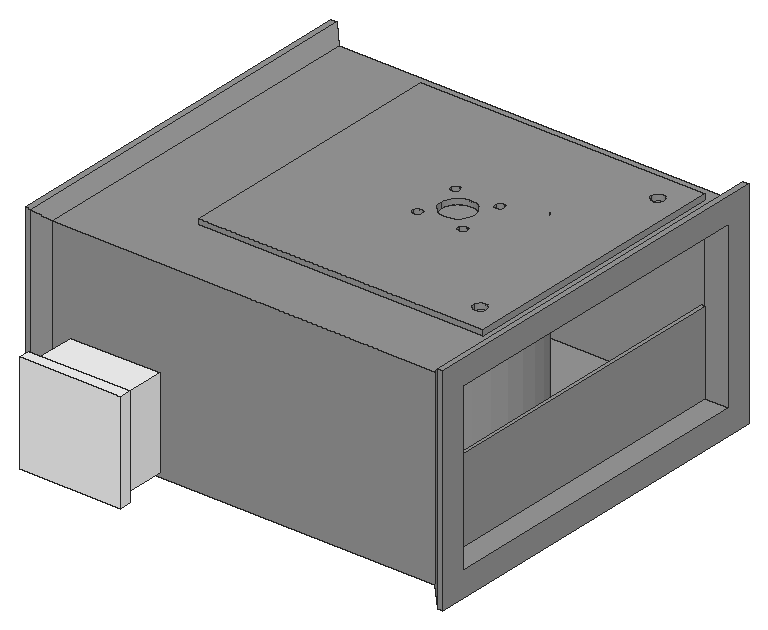
Revit family "RKB 300X150 C1 AC_7470006", category Mechanical Equipment, Revit 2014
Parameters (values of type "RKB 300X150 C1 AC")
  Wiring diagram = "4040001"
  Width = 375 mm
  Weight = 6.20 kg
  Voltage range = "220-240 V"
  Voltage = 230 V
  Speed = "2460 rpm"
  Sound pressure level at 3 m = "50 dB(A)"
  Power = 64 W
  Phase = 1
  Max. temperature of transported air when speed controlled = 75 °C
  Max. temperature of transported air = 75 °C
  Main Material = Steel, Galvanized
  Height = 193 mm
  Frequency = 50 Hz
  Elevation [instance] = 2600 mm
  Description = "UNINSULATED DUCT FANS WITH RECTANGULAR CONNECTIONS"
  Depth = 343 mm
  Current = 0.35 A
  Connector Height = 150 mm
  Connector Width = 300 mm
  Capacitor = "2 μF"
Reference planes
  plane 1 "Center (Front/Back)": y = 0
  plane 2: z = 0
  plane 3 "Center (Left/Right)": x = 0
  plane 4: x = -187.5
  plane 5: x = 187.5
  plane 6: y = 171.5
  plane 7: y = -171.5
  plane 8: z = 2600
  plane 9: z = 2793
Dimensions and locks
  equal spacing: plane 4, plane 3 "Center (Left/Right)", plane 5
  "Width": plane 4 to plane 5
  equal spacing: plane 6, plane 1 "Center (Front/Back)", plane 7
  "Depth": plane 6 to plane 7
  "Elevation": plane 8 to level
  "Height": plane 9 to plane 8
  aligned and locked: level to plane 2
  aligned and locked: nested 1 to plane 1 "Center (Front/Back)"
  aligned and locked: plane 1 "Center (Front/Back)" to nested 2
  aligned and locked: plane 3 "Center (Left/Right)" to nested 2
  aligned and locked: nested 2 to plane 8
  aligned and locked: plane 3 "Center (Left/Right)" to nested 1
Nested families
  nested 1: "Flow direction symbol" at (0, 0, 0), type "Flow direction symbol"
  nested 2: "RKB" at (0, 0, 2600), type "RKB"
Connectors
  hvac at (-187.5, 0, 2696.5), driven by "Connector Height", driven by "Connector Width"
    settings: on nested 2, index 1, duct flow 0.0 L/s, flow factor 0, pres drop 0.0 Pa, loss coef 0, conn angle 0.00°, conn width 300 mm, conn height 150 mm, conn diameter 609.6 mm, duct sys type 1, conn prof type 1, flow config 0, flow direction 1, loss method 0, conn ref index -1, conn util no, is conn primary yes, conn desc ""
  hvac at (187.5, 0, 2696.5), driven by "Connector Height", driven by "Connector Width"
    settings: on nested 2, index 2, duct flow 0.0 L/s, flow factor 0, pres drop 0.0 Pa, loss coef 0, conn angle 0.00°, conn width 300 mm, conn height 150 mm, conn diameter 609.6 mm, duct sys type 3, conn prof type 1, flow config 0, flow direction 2, loss method 0, conn ref index -1, conn util no, is conn primary no, conn desc ""
  electrical at (-107.218, -221.5, 2661.5), driven by "Phase", driven by "Voltage", driven by "Power"
    settings: on nested 2, index 3, voltage 230 V, apparent load 0 VA, apparent load phase1 64 VA, apparent load phase2 0 VA, apparent load phase3 0 VA, power factor 1, load classification "HVAC", number of poles 1, system type 31, power factor state 1, is connector primary yes, connector utility no, sub classification motor no, connector description ""
Definition of nested family "RKB"
  Parameters (values of type "RKB")
    Width = 375 mm
    Main Material = Steel, Galvanized
    Height = 193 mm
    Description = ""
    Depth = 343 mm
    Connector Width = 300 mm
    Connector Heigth = 150 mm
  Reference planes
    plane 1 "Center (Front/Back)": y = 0
    plane 2: z = 0
    plane 3 "Center (Left/Right)": x = 0
    plane 4: x = -187.5
    plane 5: x = 187.5
    plane 6: y = 171.5
    plane 7: y = -171.5
    plane 8: z = 193
    plane 9: z = 119
    plane 10: x = 80.282
    plane 11: x = -107.218
    plane 12: z = 96.5
    plane 13: z = 171.5
    plane 14: z = 21.5
    plane 15: y = 150
    plane 16: y = -150
    plane 17: z = 61.5
    plane 18: x = 44.483
    plane 19: y = 24.017
  Forms (mm)
    Sweep 1, solid, material "Steel, Galvanized" <- "Main Material", detail levels medium+fine
      path origin (-187.5, 864.407, 1200) x (0, 1, 0) y (0, 0, 1)
        loop
          line (-692.907, -1200) -> (-692.907, -1007) -> (-1035.907, -1007) -> (-1035.907, -1200) -> (-692.907, -1200)
      profile origin (-187.5, 171.5, 96.5) x (0, -1, 0) y (1, 0, 0)
        loop
          line (22.203, 21.231) -> (16.231, 21.231) -> (0, 5) -> (0, 0) -> (22.203, 0) -> (22.203, 21.231)
    Sweep 2, solid, material "Steel, Galvanized" <- "Main Material", detail levels medium+fine
      path origin (187.5, 864.407, 1200) x (0, 1, 0) y (0, 0, 1)
        loop
          line (-692.907, -1200) -> (-692.907, -1007) -> (-1035.907, -1007) -> (-1035.907, -1200) -> (-692.907, -1200)
      profile origin (187.5, 171.5, 96.5) x (0, -1, 0) y (1, 0, 0)
        loop
          line (22.203, -21.231) -> (22.203, 0) -> (0, 0) -> (0, -5) -> (16.231, -21.231) -> (22.203, -21.231)
    Sweep 3, solid, material "Steel, Galvanized" <- "Main Material", detail levels medium+fine
      path origin (0, 0, 0) x (1, 0, 0) y (0, 1, 0)
        loop
          line (-187.5, 0) -> (187.5, 0)
      profile origin (0, 0, 0) x (0, 1, 0) y (0, 0, 1)
        loop
          line (150, 171.5) -> (-150, 171.5) -> (-150, 21.5) -> (150, 21.5) -> (150, 171.5)
        loop
          line (-161, 182.5) -> (-161, 10.5) -> (161, 10.5) -> (161, 182.5) -> (-161, 182.5)
    Revolve 4, solid, material "Steel, Galvanized" <- "Main Material", detail levels medium+fine
      sketch origin (44.843, 8.187, 1200) x (0, -1, 0) y (0, 0, 1)
        loop
          line (-15.321, -1182.297) -> (-15.321, -1017.5) -> (-80.321, -1017.5) -> (-80.321, -1182.297) -> (-15.321, -1182.297)
        axis (-15.321, -1017.5) -> (-15.321, -1182.297)
      angle from 0 to 360
    Sweep 5, void
      path origin (43.109, 35, 1200) x (-1, 0, 0) y (0, 0, 1)
        loop
          line (-1.25, -1029.203) -> (-1.25, -979.203)
      profile origin (44.359, 35, 195.797) x (1, 0, 0) y (0, 1, 0)
        loop
          circle (0, -10.983) r 15
        loop
          circle (21.111, 10.128) r 4
        loop
          circle (-18.886, 10.128) r 4
        loop
          circle (21.114, -31.521) r 4
        loop
          circle (-19.222, -31.862) r 4
        loop
          circle (100.39, -111.131) r 6
        loop
          circle (100.39, 88.32) r 6
    Sweep 6, solid, material "Steel, Galvanized" <- "Main Material", detail levels coarse
      path origin (0, 0, 0) x (1, 0, 0) y (0, 1, 0)
        loop
          line (-187.5, 0) -> (187.5, 0)
      profile origin (0, 0, 0) x (0, 1, 0) y (0, 0, 1)
        loop
          line (171.5, 193) -> (-171.5, 193) -> (-171.5, 0) -> (171.5, 0) -> (171.5, 193)
    Sweep 7, solid, material "Steel, Galvanized" <- "Main Material", detail levels medium+fine
      path origin (0, 0, 0) x (0, 1, 0) y (0, 0, 1)
        loop
          line (149.297, 22.203) -> (149.297, 96.5)
      profile origin (0, 149.297, 59.351) x (0, -1, 0) y (1, 0, 0)
        loop
          line (0, -166.269) -> (298.595, -166.269) -> (298.595, -163.269) -> (0, -163.269) -> (0, -166.269)
        loop
          line (0, 166.269) -> (0, 163.269) -> (298.595, 163.269) -> (298.595, 166.269) -> (0, 166.269)
    Sweep 8, solid, material "Plastic", detail levels medium+fine
      path origin (0, -16.231, -156.959) x (1, 0, 0) y (0, 1, 0)
        loop
          line (-107.218, -155.269) -> (-107.218, -195.269)
      profile origin (-107.218, -191.5, -156.959) x (1, 0, 0) y (0, 0, 1)
        loop
          line (-40, 178.459) -> (40, 178.459) -> (40, 258.459) -> (-40, 258.459) -> (-40, 178.459)
    Sweep 9, solid, material "Plastic", detail levels medium+fine
      path origin (0, -16.231, 0) x (1, 0, 0) y (0, 1, 0)
        loop
          line (-107.218, -195.269) -> (-107.218, -205.269)
      profile origin (-107.218, -216.5, 0) x (1, 0, 0) y (0, 0, 1)
        loop
          line (-45, 106.5) -> (-45, 16.5) -> (45, 16.5) -> (45, 106.5) -> (-45, 106.5)
    Extrusion 10, solid, material "Steel, Galvanized" <- "Main Material"
      sketch origin (0, 0, 0) x (0, 1, 0) y (0, 0, 1)
        loop
          line (149.297, 181.269) -> (149.297, 187.135) -> (-100, 187.135) -> (-100, 181.269) -> (149.297, 181.269)
      from -89.23 to 166.269
  Cuts and joins
    joined: Sweep 1, Sweep 2, Sweep 3
    Sweep 5 cuts Revolve 4
    Sweep 5 cuts Extrusion 10
  Dimensions and locks
    equal spacing: plane 4, plane 3 "Center (Left/Right)", plane 5
    "Width": plane 4 to plane 5
    equal spacing: plane 6, plane 1 "Center (Front/Back)", plane 7
    "Depth": plane 6 to plane 7
    "Height": plane 8 to level
    Sweep 5 sketch curve to plane 8 to Sweep 5 sketch curve = 27.797 mm locked, 22.203 mm locked
    locked: Sweep 7 sketch curve to plane 2 at 22.203
    Sweep 7 sketch curve to Sweep 7 sketch curve = 74.297 mm
    locked: plane 6 to Sweep 7 sketch curve at 22.203  (x2)
    locked: plane 4 to Sweep 7 sketch curve at 21.231
    locked: Sweep 7 sketch curve to Sweep 7 sketch curve at 3  (x2)
    locked: Sweep 7 sketch curve to plane 7 at 22.203  (x2)
    locked: Sweep 7 sketch curve to plane 6 at 22.203
    locked: Sweep 7 sketch curve to plane 5 at 21.231
    Sweep 8 sketch curve to plane 7 to Sweep 8 sketch curve = 0 mm, 40 mm
    plane 7 to Sweep 9 sketch curve to Sweep 9 sketch curve = 40 mm, 10 mm locked
    equal spacing: plane 8, plane 12, plane 2
    "Connector Heigth": plane 13 to plane 14
    equal spacing: plane 13, plane 12, plane 14
    "Connector Width": plane 15 to plane 16
    equal spacing: plane 15, plane 1 "Center (Front/Back)", plane 16
    aligned and locked: level to plane 2
    aligned and locked: Sweep 1 sketch curve to plane 6
    aligned and locked: plane 7 to Sweep 1 sketch curve
    aligned and locked: plane 2 to Sweep 1 sketch curve
    aligned and locked: Sweep 1 sketch curve to plane 8
    aligned and locked: Sweep 2 sketch curve to plane 8
    aligned and locked: plane 2 to Sweep 2 sketch curve
    aligned and locked: plane 7 to Sweep 2 sketch curve
    aligned and locked: Sweep 2 sketch curve to plane 6
    aligned and locked: plane 1 "Center (Front/Back)" to Sweep 3 sketch curve
    aligned and locked: plane 1 "Center (Front/Back)" to Sweep 6 sketch curve
    aligned and locked: plane 2 to Sweep 6 sketch curve
    aligned and locked: plane 7 to Sweep 6 sketch curve
    aligned and locked: Sweep 6 sketch curve to plane 6
    aligned and locked: Sweep 6 sketch curve to plane 8
    aligned and locked: plane 11 to Sweep 8 sketch curve
    aligned and locked: plane 11 to Sweep 9 sketch curve
    aligned and locked: plane 14 to Sweep 3 sketch curve
    aligned and locked: plane 16 to Sweep 3 sketch curve
    aligned and locked: Sweep 3 sketch curve to plane 13
    aligned and locked: Sweep 3 sketch curve to plane 15
    aligned and locked: Sweep 8 to plane 14
    aligned and locked: Sweep 9 to Sweep 8
    aligned and locked: Revolve 4 sketch curve to cut or joined group of Sweep 1, Sweep 2, Sweep 3
  Automatic sketch dimensions
    Sweep 1 sketch curve to profile plane = 0 mm
    Sweep 1 sketch curve to plane 4 = 0 mm
    Sweep 1 sketch curve to profile plane = 16.231 mm
    Sweep 1 sketch curve to Sweep 1 sketch curve = 5.972 mm
    plane 4 to Sweep 1 sketch curve = 5 mm
    plane 4 to Sweep 1 sketch curve = 21.231 mm
    Sweep 2 sketch curve to profile plane = 0 mm
    Sweep 2 sketch curve to plane 5 = 0 mm
    Sweep 2 sketch curve to profile plane = 16.231 mm
    Sweep 2 sketch curve to Sweep 2 sketch curve = 5.972 mm
    Sweep 2 sketch curve to Sweep 2 sketch curve = 5 mm
    Sweep 2 sketch curve to Sweep 2 sketch curve = 21.231 mm
    Sweep 3 sketch curve to plane 4 = 0 mm
    Sweep 3 sketch curve to plane 5 = 0 mm
    Sweep 6 sketch curve to plane 4 = 0 mm
    Sweep 6 sketch curve to plane 5 = 0 mm
    profile plane to Sweep 8 sketch curve = 40 mm
    Sweep 8 sketch curve to profile plane = 40 mm
    level to Sweep 8 sketch curve = 21.5 mm
    Sweep 8 sketch curve to Sweep 8 sketch curve = 80 mm
    profile plane to Sweep 9 sketch curve = 45 mm
    Sweep 9 sketch curve to profile plane = 45 mm
    level to Sweep 9 sketch curve = 16.5 mm
    Sweep 9 sketch curve to Sweep 9 sketch curve = 90 mm
    Revolve 4 sketch curve to plane 15 = 61.492 mm
    Revolve 4 sketch curve to plane 14 = 3.797 mm
    Revolve 4 sketch curve to Revolve 4 sketch curve = 0 mm  (x2)
    plane 8 to Revolve 4 sketch curve = 4.703 mm
    plane 10 to Sweep 5 sketch curve = 35.923 mm
    Sweep 5 sketch curve to profile plane = 0 mm
    profile plane to Sweep 5 sketch curve = 18.886 mm
    Sweep 5 sketch curve to profile plane = 21.111 mm
    Sweep 5 sketch curve to profile plane = 100.39 mm  (x2)
    Sweep 5 sketch curve to Sweep 5 sketch curve = 20.879 mm
    profile plane to Sweep 5 sketch curve = 19.222 mm
    Sweep 5 sketch curve to profile plane = 21.114 mm
    Sweep 5 sketch curve to Sweep 5 sketch curve = 20.538 mm
    Revolve 4 sketch curve to plane 1 "Center (Front/Back)" = 23.508 mm
    Sweep 5 sketch curve to profile plane = 111.131 mm
    Sweep 5 sketch curve to profile plane = 31.862 mm
    profile plane to Sweep 5 sketch curve = 10.128 mm  (x2)
    profile plane to Sweep 5 sketch curve = 88.32 mm
    plane 13 to Extrusion 10 sketch curve = 9.769 mm
    plane 16 to Extrusion 10 sketch curve = 50 mm
    Extrusion 10 sketch curve to plane 15 = 0.703 mm
    Extrusion 10 sketch curve to plane 8 = 5.865 mm
    level to Sweep 3 sketch curve = 10.5 mm
    Sweep 3 sketch curve to Sweep 3 sketch curve = 11 mm  (x3)
    radius of Sweep 5 sketch curve = 15 mm
    radius of Sweep 5 sketch curve = 4 mm  (x4)
    radius of Sweep 5 sketch curve = 6 mm  (x2)
Definition of nested family "Flow direction symbol"
  Parameters (values of type "Flow direction symbol")
    Warning = "!"
    Text = "DIMENSIONS OVERCONSTRAINT"
  Reference planes
    plane 1: y = 0
    plane 2: x = 0
  Lines and regions (mm)
    detail lines
      curve 1: line (-0.506, 0.877, 0) -> (-0.506, -0.877, 0)
      curve 2: line (1.012, 0, 0) -> (-0.506, -0.877, 0)
      curve 3: line (-0.506, 0.877, 0) -> (1.012, 0, 0)
      curve 4: circle (0, 0, 0) r 1 normal (0, 0, 1)
